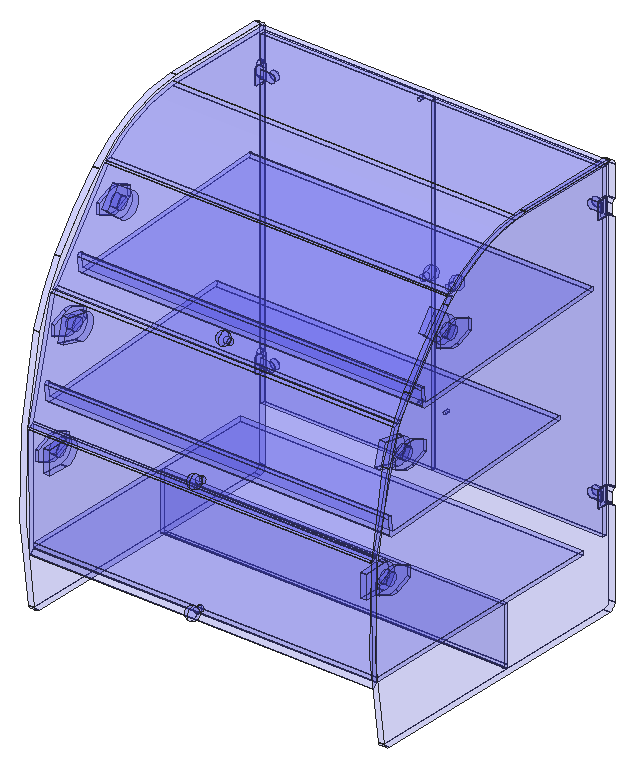
Revit family "QF_Vollrath_XLBC3-1826-13", category Specialty Equipment, Revit 2016
Family settings
  Part Type = Normal
  Round Connector Dimension = Use Diameter
  OmniClass Number = 23.40.40.00
  OmniClass Title = Food Service Equipment and Furnishings
  Work Plane-Based = No
  Always vertical = Yes
  Cut with Voids When Loaded = No
  Shared = No
  Room Calculation Point = No
Parameters (values of type "XLBC3P-1826-13")
  Weight in Pounds = 0
  Watermarked By = ""
  URL Cutsheet = ""
  URL = "www.vollrath.com"
  Specification by User [instance] = ""
  Specification by Manufacturer [instance] = ""
  Serial Number [instance] = ""
  Revision Code [instance] = ""
  Rear Doors = yes
  No Rear Doors = not(Rear Doors)  # no
  NAFEM Spec ID Number [instance] = ""
  Model = "XLBC3P-1826-13"
  Masterspec [instance] = ""
  Manufacturer = "Vollrath"  # constant formula
  Item Number [instance] = "-"
  Installed By [instance] = ""
  Furnished By [instance] = ""
  Foodservice Equipment Identifier = yes
  Description = "Display Case"
  CSI MasterFormat = "11 40 00"
  Assembly Code = "E1090300"
Reference planes (in)
  plane 1 "BACK": y = 0
  plane 2: z = 0
  plane 3 "LEFT": x = -16.56573
  plane 4 "RIGHT": x = 11.99677
  plane 5 "FRONT": y = -24.0625
  plane 6 "Inside Left": x = -16.06573
  plane 7 "Inside Right": x = 11.49677
  plane 8 "Center LR": x = -2.28448
  plane 9 "Bottom": z = 0.125
  plane 10 "Door Back": y = -0.1875
  plane 11 "Door Front": y = -0.5625
  plane 12 "Left Handle": x = -3.31573
  plane 13 "Right Handle": x = -1.25323
  plane 14 "TOP": z = 32.5
  plane 15 "Inside Top": z = 32.25
  plane 16: z = 29.4375
  plane 17 "Top Hinge": z = 28.875
  plane 18 "Bottom Hinge": z = 8.125
  plane 19 "Door Handles": z = 18.5
  plane 20: z = 13.75
  plane 21: z = 22.4375
Forms (in)
  Extrusion 1, solid, material "QF_Glass-Cast-Clear"
    sketch origin (-16.56573, 0, 0) x (0, 1, 0) y (0, 0, 1)
      loop
        line (0, 0.5) -> (0, 7.44381)
        arc (0, 7.44381) -> (-0.01409, 7.48334) -> (-0.05, 7.50505) r 0.0625
        arc (-0.05, 7.50505) -> (-0.19365, 7.59189) -> (-0.25, 7.75) r 0.25
        line (-0.25, 7.75) -> (-0.25, 8.5)
        arc (-0.25, 8.5) -> (-0.19365, 8.65811) -> (-0.05, 8.74495) r 0.25
        arc (-0.05, 8.74495) -> (-0.01409, 8.76666) -> (0, 8.80619) r 0.0625
        line (0, 8.80619) -> (0, 28.19381)
        arc (0, 28.19381) -> (-0.01409, 28.23334) -> (-0.05, 28.25505) r 0.0625
        arc (-0.05, 28.25505) -> (-0.19365, 28.34189) -> (-0.25, 28.5) r 0.25
        line (-0.25, 28.5) -> (-0.25, 29.25)
        arc (-0.25, 29.25) -> (-0.19365, 29.40811) -> (-0.05, 29.49495) r 0.25
        arc (-0.05, 29.49495) -> (-0.01409, 29.51666) -> (0, 29.55619) r 0.0625
        line (0, 29.55619) -> (0, 32)
        arc (0, 32) -> (-0.14645, 32.35355) -> (-0.5, 32.5) r 0.5
        line (-0.5, 32.5) -> (-8.9375, 32.5)
        arc (-8.9375, 32.5) -> (-13.11951, 31.51749) -> (-16.6875, 29.125) r 12
        arc (-16.6875, 29.125) -> (-18.74966, 26.91695) -> (-20.5625, 24.5) r 28.0625
        arc (-20.5625, 24.5) -> (-21.7852, 22.32565) -> (-22.6875, 20) r 17.5625
        arc (-22.6875, 20) -> (-24.07346, 10.22429) -> (-23.1428, 0.39478) r 42.06958
        arc (-23.1428, 0.39478) -> (-22.96815, 0.11102) -> (-22.65399, 0) r 0.5
        line (-22.65399, 0) -> (-0.5, 0)
        arc (-0.5, 0) -> (-0.14645, 0.14645) -> (0, 0.5) r 0.5
    from 0 to 0.5
  Extrusion 2, solid, material "QF_Glass-Cast-Clear"
    sketch origin (11.99677, 0, 0) x (0, 1, 0) y (0, 0, 1)
      loop
        line (0, 0.5) -> (0, 7.44381)
        arc (0, 7.44381) -> (-0.01409, 7.48334) -> (-0.05, 7.50505) r 0.0625
        arc (-0.05, 7.50505) -> (-0.19365, 7.59189) -> (-0.25, 7.75) r 0.25
        line (-0.25, 7.75) -> (-0.25, 8.5)
        arc (-0.25, 8.5) -> (-0.19365, 8.65811) -> (-0.05, 8.74495) r 0.25
        arc (-0.05, 8.74495) -> (-0.01409, 8.76666) -> (0, 8.80619) r 0.0625
        line (0, 8.80619) -> (0, 28.19381)
        arc (0, 28.19381) -> (-0.01409, 28.23334) -> (-0.05, 28.25505) r 0.0625
        arc (-0.05, 28.25505) -> (-0.19365, 28.34189) -> (-0.25, 28.5) r 0.25
        line (-0.25, 28.5) -> (-0.25, 29.25)
        arc (-0.25, 29.25) -> (-0.19365, 29.40811) -> (-0.05, 29.49495) r 0.25
        arc (-0.05, 29.49495) -> (-0.01409, 29.51666) -> (0, 29.55619) r 0.0625
        line (0, 29.55619) -> (0, 32)
        arc (0, 32) -> (-0.14645, 32.35355) -> (-0.5, 32.5) r 0.5
        line (-0.5, 32.5) -> (-8.9375, 32.5)
        arc (-8.9375, 32.5) -> (-13.11951, 31.51749) -> (-16.6875, 29.125) r 12
        arc (-16.6875, 29.125) -> (-18.74966, 26.91695) -> (-20.5625, 24.5) r 28.0625
        arc (-20.5625, 24.5) -> (-21.7852, 22.32565) -> (-22.6875, 20) r 17.5625
        arc (-22.6875, 20) -> (-24.07346, 10.22429) -> (-23.1428, 0.39478) r 42.06958
        arc (-23.1428, 0.39478) -> (-22.96815, 0.11102) -> (-22.65399, 0) r 0.5
        line (-22.65399, 0) -> (-0.5, 0)
        arc (-0.5, 0) -> (-0.14645, 0.14645) -> (0, 0.5) r 0.5
    from 0 to -0.5
  Extrusion 3, solid, material "QF_Glass-Cast-Clear"
    sketch origin (-16.06573, 0, 0) x (0, 1, 0) y (0, 0, 1)
      loop
        line (-2.5, 4.75) -> (-2.5, 5.125) -> (-23.25, 5.125) -> (-23.25, 4.75) -> (-2.5, 4.75)
      loop
        line (-21.79023, 14.56382) -> (-5, 15.5625)
        arc (-5, 15.5625) -> (-4.81217, 15.75033) -> (-5, 15.93816) r 0.18783
        line (-5, 15.93816) -> (-21.6804, 14.94602) -> (-21.7737, 16.01242)
        arc (-21.7737, 16.01242) -> (-21.97683, 16.18286) -> (-22.14727, 15.97973) r 0.1875
        line (-22.14727, 15.97973) -> (-22.04575, 14.81934) -> (-21.79023, 14.56382)
      loop
        line (-18.47773, 22.37632) -> (-1.6875, 23.375)
        arc (-1.6875, 23.375) -> (-1.49967, 23.56283) -> (-1.6875, 23.75066) r 0.18783
        line (-1.6875, 23.75066) -> (-18.3679, 22.75852) -> (-18.4612, 23.82492)
        arc (-18.4612, 23.82492) -> (-18.66433, 23.99536) -> (-18.83477, 23.79223) r 0.1875
        line (-18.83477, 23.79223) -> (-18.73325, 22.63184) -> (-18.47773, 22.37632)
    from 0 to 27.5625
  Extrusion 4, solid, material "QF_Glass-Cast-Clear"
    sketch origin (-16.06573, 0, 0) x (0, 1, 0) y (0, 0, 1)
      loop
        line (-10.125, 0.25) -> (-10.125, 4.75) -> (-10.5, 4.75) -> (-10.5, 0.25)
        arc (-10.5, 0.25) -> (-10.46339, 0.16161) -> (-10.375, 0.125) r 0.125
        line (-10.375, 0.125) -> (-10.25, 0.125)
        arc (-10.25, 0.125) -> (-10.16161, 0.16161) -> (-10.125, 0.25) r 0.125
    from 0 to 27.5625
  Extrusion 5, solid, material "QF_Glass-Cast-Clear"
    sketch origin (-16.06573, 0, 0) x (0, 1, 0) y (0, 0, 1)
      loop
        line (-0.1875, 32.25) -> (-9.35156, 32.25)
        arc (-9.35156, 32.25) -> (-12.95092, 31.38222) -> (-16.10156, 29.4375) r 11.75
        line (-16.10156, 29.4375) -> (-15.51371, 29.4375)
        arc (-15.51371, 29.4375) -> (-12.60705, 31.11703) -> (-9.33674, 31.875) r 11.375
        line (-9.33674, 31.875) -> (-0.1875, 31.875) -> (-0.1875, 32.25)
    from 0 to 27.5625
  Extrusion 6, solid, material "QF_Glass-Cast-Clear"
    sketch origin (-16.06573, -1.52931, 9.8808) x (0, 0.904381, 0.426727) y (0, -0.426727, 0.904381)
      loop
        line (-22.29616, 4.48167) -> (-21.88975, 4.65527) -> (-18.05232, 12.78809) -> (-18.12887, 12.83229) -> (-18.5721, 12.80258) -> (-22.37271, 4.52587) -> (-22.29616, 4.48167)
      loop
        line (-18.43626, 12.83911) -> (-17.99876, 12.90161) -> (-12.28834, 19.64464) -> (-12.35999, 19.71629) -> (-12.7796, 19.79912) -> (-18.49876, 12.90161) -> (-18.43626, 12.83911)
      loop
        line (-12.50086, 19.82313) -> (-12.07371, 19.70971) -> (-4.51712, 23.5169) -> (-4.55361, 23.60722) -> (-4.90751, 23.84741) -> (-12.53397, 19.90508) -> (-12.50086, 19.82313)
    from 0 to 27.5625
  Extrusion 7, solid, material "QF_Glass-Cast-Clear"
    sketch origin (0, -0.1875, 0) x (1, 0, 0) y (0, 0, 1)
      loop
        line (11.43427, 31.8125) -> (-2.25323, 31.8125) -> (-2.25323, 5.1875) -> (11.43427, 5.1875) -> (11.43427, 7.375)
        arc (11.43427, 7.375) -> (11.29886, 7.46875) -> (11.24677, 7.625) r 0.26042
        line (11.24677, 7.625) -> (11.24677, 8.625)
        arc (11.24677, 8.625) -> (11.29886, 8.78125) -> (11.43427, 8.875) r 0.26042
        line (11.43427, 8.875) -> (11.43427, 28.125)
        arc (11.43427, 28.125) -> (11.29886, 28.21875) -> (11.24677, 28.375) r 0.26042
        line (11.24677, 28.375) -> (11.24677, 29.375)
        arc (11.24677, 29.375) -> (11.29886, 29.53125) -> (11.43427, 29.625) r 0.26042
        line (11.43427, 29.625) -> (11.43427, 31.8125)
      loop
        line (-16.00323, 31.8125) -> (-16.00323, 29.625)
        arc (-16.00323, 29.625) -> (-15.86781, 29.53125) -> (-15.81573, 29.375) r 0.26042
        line (-15.81573, 29.375) -> (-15.81573, 28.375)
        arc (-15.81573, 28.375) -> (-15.86781, 28.21875) -> (-16.00323, 28.125) r 0.26042
        line (-16.00323, 28.125) -> (-16.00323, 8.875)
        arc (-16.00323, 8.875) -> (-15.86781, 8.78125) -> (-15.81573, 8.625) r 0.26042
        line (-15.81573, 8.625) -> (-15.81573, 7.625)
        arc (-15.81573, 7.625) -> (-15.86781, 7.46875) -> (-16.00323, 7.375) r 0.26042
        line (-16.00323, 7.375) -> (-16.00323, 5.1875) -> (-2.31573, 5.1875) -> (-2.31573, 31.8125) -> (-16.00323, 31.8125)
      loop
        circle (-3.31573, 9.6875) r 0.125
      loop
        circle (-1.25323, 9.6875) r 0.125
      loop
        circle (-3.31573, 31.5) r 0.125
    from 0 to 0.375
  Revolve 8, solid, material "QF_Glass-Cast-Clear", visible <- "Rear Doors"
    sketch origin (-3.31573, 0, 4.5) x (0, 1, 0) y (0, 0, 1)
      loop
        line (-0.1875, 14) -> (1.1875, 14)
        arc (1.1875, 14) -> (0.8164, 14.49117) -> (0.25, 14.25) r 0.5
        line (0.25, 14.25) -> (-0.1875, 14.25) -> (-0.1875, 14)
      axis (1.1875, 14) -> (-0.1875, 14)
    angle from 0 to 360
  Revolve 9, solid, material "QF_Glass-Cast-Clear", visible <- "Rear Doors"
    sketch origin (-1.25323, 0, 8.75) x (0, 1, 0) y (0, 0, 1)
      loop
        line (-0.1875, 9.75) -> (1.1875, 9.75)
        arc (1.1875, 9.75) -> (0.8164, 10.24117) -> (0.25, 10) r 0.5
        line (0.25, 10) -> (-0.1875, 10) -> (-0.1875, 9.75)
      axis (1.1875, 9.75) -> (-0.1875, 9.75)
    angle from 0 to 360
  Extrusion 10, solid, material "QF_Glass-Cast-Clear"
    sketch origin (0, -0.1875, 0) x (1, 0, 0) y (0, 0, 1)
      loop
        circle (-15.19073, 28.875) r 0.375
      loop
        circle (-15.19073, 8.125) r 0.375
      loop
        circle (10.62177, 28.875) r 0.375
      loop
        circle (10.62177, 8.125) r 0.375
    from 0 to -0.0625
  Extrusion 11, solid, material "QF_Glass-Cast-Clear"
    sketch origin (0, 0, 28.875) x (0, 1, 0) y (-1, 0, 0)
      loop
        circle (-0.1875, 16.00323) r 0.0625
      loop
        circle (-0.1875, -11.43427) r 0.0625
    from -0.6875 to 0.6875
  Extrusion 12, solid, material "QF_Glass-Cast-Clear"
    sketch origin (0, 0, 8.125) x (0, 1, 0) y (-1, 0, 0)
      loop
        circle (-0.1875, 16.00323) r 0.0625
      loop
        circle (-0.1875, -11.43427) r 0.0625
    from -0.6875 to 0.6875
  Extrusion 13, solid, material "QF_Glass-Cast-Clear"
    sketch origin (-16.06573, 0, 0) x (0, 1, 0) y (0, 0, 1)
      loop
        line (-0.25, 28.1875) -> (-0.25, 29.5625) -> (-0.9375, 29.5625)
        arc (-0.9375, 29.5625) -> (-1.02589, 29.52589) -> (-1.0625, 29.4375) r 0.125
        line (-1.0625, 29.4375) -> (-1.0625, 28.3125)
        arc (-1.0625, 28.3125) -> (-1.02589, 28.22411) -> (-0.9375, 28.1875) r 0.125
        line (-0.9375, 28.1875) -> (-0.25, 28.1875)
      loop
        line (-0.25, 7.4375) -> (-0.25, 8.8125) -> (-0.9375, 8.8125)
        arc (-0.9375, 8.8125) -> (-1.02589, 8.77589) -> (-1.0625, 8.6875) r 0.125
        line (-1.0625, 8.6875) -> (-1.0625, 7.5625)
        arc (-1.0625, 7.5625) -> (-1.02589, 7.47411) -> (-0.9375, 7.4375) r 0.125
        line (-0.9375, 7.4375) -> (-0.25, 7.4375)
    from 0 to 0.0625
  Extrusion 14, solid, material "QF_Glass-Cast-Clear"
    sketch origin (11.49677, 0, 0) x (0, 1, 0) y (0, 0, 1)
      loop
        line (-0.25, 28.1875) -> (-0.25, 29.5625) -> (-0.9375, 29.5625)
        arc (-0.9375, 29.5625) -> (-1.02589, 29.52589) -> (-1.0625, 29.4375) r 0.125
        line (-1.0625, 29.4375) -> (-1.0625, 28.3125)
        arc (-1.0625, 28.3125) -> (-1.02589, 28.22411) -> (-0.9375, 28.1875) r 0.125
        line (-0.9375, 28.1875) -> (-0.25, 28.1875)
      loop
        line (-0.25, 7.4375) -> (-0.25, 8.8125) -> (-0.9375, 8.8125)
        arc (-0.9375, 8.8125) -> (-1.02589, 8.77589) -> (-1.0625, 8.6875) r 0.125
        line (-1.0625, 8.6875) -> (-1.0625, 7.5625)
        arc (-1.0625, 7.5625) -> (-1.02589, 7.47411) -> (-0.9375, 7.4375) r 0.125
        line (-0.9375, 7.4375) -> (-0.25, 7.4375)
    from 0 to -0.0625
  Extrusion 15, solid, material "QF_Glass-Cast-Clear"
    sketch origin (0, -0.5625, 0) x (1, 0, 0) y (0, 0, 1)
      loop
        line (-15.19073, 29.25) -> (-16.00323, 29.25) -> (-16.00323, 28.5) -> (-15.19073, 28.5)
        arc (-15.19073, 28.5) -> (-14.81573, 28.875) -> (-15.19073, 29.25) r 0.375
      loop
        line (-15.19073, 8.5) -> (-16.00323, 8.5) -> (-16.00323, 7.75) -> (-15.19073, 7.75)
        arc (-15.19073, 7.75) -> (-14.81573, 8.125) -> (-15.19073, 8.5) r 0.375
      loop
        arc (10.62177, 29.25) -> (10.24677, 28.875) -> (10.62177, 28.5) r 0.375
        line (10.62177, 28.5) -> (11.43427, 28.5) -> (11.43427, 29.25) -> (10.62177, 29.25)
      loop
        arc (10.62177, 8.5) -> (10.24677, 8.125) -> (10.62177, 7.75) r 0.375
        line (10.62177, 7.75) -> (11.43427, 7.75) -> (11.43427, 8.5) -> (10.62177, 8.5)
    from 0 to 0.0625
  Extrusion 16, solid, material "QF_Glass-Cast-Clear"
    sketch origin (-16.06573, -2.79052, 10.32711) x (0, 0.904381, 0.426727) y (0, -0.426727, 0.904381)
      loop
        arc (-15.76079, 9.54848) -> (-16.07327, 9.77938) -> (-16.45017, 9.87376) r 1
        line (-16.45017, 9.87376) -> (-17.7264, 9.93743) -> (-18.09979, 9.14609) -> (-17.23921, 8.20152)
        arc (-17.23921, 8.20152) -> (-16.92673, 7.97062) -> (-16.54983, 7.87624) r 1
        line (-16.54983, 7.87624) -> (-15.2736, 7.81257) -> (-14.90021, 8.60391) -> (-15.76079, 9.54848)
    from 0 to 0.25
  Extrusion 17, solid, material "QF_Glass-Cast-Clear"
    sketch origin (11.49677, -2.79052, 10.32711) x (0, 0.904381, 0.426727) y (0, -0.426727, 0.904381)
      loop
        arc (-15.76079, 9.54848) -> (-16.07327, 9.77938) -> (-16.45017, 9.87376) r 1
        line (-16.45017, 9.87376) -> (-17.7264, 9.93743) -> (-18.09979, 9.14609) -> (-17.23921, 8.20152)
        arc (-17.23921, 8.20152) -> (-16.92673, 7.97062) -> (-16.54983, 7.87624) r 1
        line (-16.54983, 7.87624) -> (-15.2736, 7.81257) -> (-14.90021, 8.60391) -> (-15.76079, 9.54848)
    from 0 to -0.25
  Extrusion 18, solid, material "QF_Glass-Cast-Clear"
    sketch origin (-16.06573, -2.79052, 10.32711) x (0, 0.904381, 0.426727) y (0, -0.426727, 0.904381)
      loop
        line (-18.53706, 8.80523) -> (-16.9605, 7.98734)
        arc (-16.9605, 7.98734) -> (-15.59526, 8.44903) -> (-16.1092, 9.79547) r 1
        line (-16.1092, 9.79547) -> (-17.7426, 10.48896) -> (-18.53706, 8.80523)
    from 0.8125 to 1.3125
  Extrusion 19, solid, material "QF_Glass-Cast-Clear"
    sketch origin (-16.06573, -2.79052, 10.32711) x (0, 0.904381, 0.426727) y (0, -0.426727, 0.904381)
      loop
        circle (-16.5, 8.875) r 0.5
    from 0.25 to 0.8125
  Extrusion 20, solid, material "QF_Glass-Cast-Clear"
    sketch origin (11.49677, -2.79052, 10.32711) x (0, 0.904381, 0.426727) y (0, -0.426727, 0.904381)
      loop
        arc (-16.9605, 7.98734) -> (-15.59526, 8.44903) -> (-16.1092, 9.79547) r 1
        line (-16.1092, 9.79547) -> (-17.7426, 10.48896) -> (-18.53706, 8.80523) -> (-16.9605, 7.98734)
    from -0.8125 to -1.3125
  Extrusion 21, solid, material "QF_Glass-Cast-Clear"
    sketch origin (11.49677, -2.79052, 10.32711) x (0, 0.904381, 0.426727) y (0, -0.426727, 0.904381)
      loop
        circle (-16.5, 8.875) r 0.5
    from -0.25 to -0.8125
  Extrusion 22, solid, material "QF_Clearance", visible <- "Rear Doors", detail levels coarse+medium
    sketch origin (0, 0, 5.125) x (0, 1, 0) y (-1, 0, 0)
      loop
        line (0, 16.06573) -> (0, 2.28575)
        arc (0, 2.28575) -> (9.62338, 6.38743) -> (13.59375, 16.06573) r 13.78125
        line (13.59375, 16.06573) -> (0, 16.06573)
    from 0 to 26.6875
  Extrusion 23, solid, material "QF_Clearance", visible <- "Rear Doors", detail levels coarse+medium
    sketch origin (-4.56895, 0, 5.125) x (0, 1, 0) y (-1, 0, 0)
      loop
        line (0, -16.06573) -> (13.59375, -16.06573)
        arc (13.59375, -16.06573) -> (9.62338, -6.38743) -> (0, -2.28575) r 13.78125
        line (0, -2.28575) -> (0, -16.06573)
    from 0 to 26.6875
  Revolve 24, solid, material "QF_Glass-Cast-Clear"
    sketch origin (-2.28448, 0.71928, 6.17177) x (0, 0.965928, 0.25881) y (0, -0.25881, 0.965928)
      loop
        line (-23.76594, 5.6302) -> (-25.09772, 5.97224)
        arc (-25.09772, 5.97224) -> (-24.86046, 5.40419) -> (-24.25187, 5.49689) r 0.5
        line (-24.25187, 5.49689) -> (-23.82813, 5.38806) -> (-23.76594, 5.6302)
      axis (-25.09772, 5.97224) -> (-23.76594, 5.6302)
    angle from 0 to 360
  Revolve 25, solid, material "QF_Glass-Cast-Clear"
    sketch origin (-2.28448, 0.25001, 8.99322) x (0, 1, 0) y (0, 0, 1)
      loop
        line (-23.76594, 5.6302) -> (-25.09772, 5.97224)
        arc (-25.09772, 5.97224) -> (-24.86046, 5.40419) -> (-24.25187, 5.49689) r 0.5
        line (-24.25187, 5.49689) -> (-23.82813, 5.38806) -> (-23.76594, 5.6302)
      axis (-25.09772, 5.97224) -> (-23.76594, 5.6302)
    angle from 0 to 360
  Revolve 26, solid, material "QF_Glass-Cast-Clear"
    sketch origin (-2.28448, -1.07474, 8.85947) x (0, 0.920501, -0.390739) y (0, 0.390739, 0.920501)
      loop
        line (-23.76594, 5.6302) -> (-25.09772, 5.97224)
        arc (-25.09772, 5.97224) -> (-24.86046, 5.40419) -> (-24.25187, 5.49689) r 0.5
        line (-24.25187, 5.49689) -> (-23.82813, 5.38806) -> (-23.76594, 5.6302)
      axis (-25.09772, 5.97224) -> (-23.76594, 5.6302)
    angle from 0 to 360
  Extrusion 27, solid, material "QF_Glass-Cast-Clear"
    sketch origin (-16.06573, -1.16552, 18.63961) x (0, 0.904381, 0.426727) y (0, -0.426727, 0.904381)
      loop
        arc (-15.76079, 9.54848) -> (-16.07327, 9.77938) -> (-16.45017, 9.87376) r 1
        line (-16.45017, 9.87376) -> (-17.7264, 9.93743) -> (-18.09979, 9.14609) -> (-17.23921, 8.20152)
        arc (-17.23921, 8.20152) -> (-16.92673, 7.97062) -> (-16.54983, 7.87624) r 1
        line (-16.54983, 7.87624) -> (-15.2736, 7.81257) -> (-14.90021, 8.60391) -> (-15.76079, 9.54848)
    from 0 to 0.25
  Extrusion 28, solid, material "QF_Glass-Cast-Clear"
    sketch origin (11.49677, -1.16552, 18.63961) x (0, 0.904381, 0.426727) y (0, -0.426727, 0.904381)
      loop
        arc (-15.76079, 9.54848) -> (-16.07327, 9.77938) -> (-16.45017, 9.87376) r 1
        line (-16.45017, 9.87376) -> (-17.7264, 9.93743) -> (-18.09979, 9.14609) -> (-17.23921, 8.20152)
        arc (-17.23921, 8.20152) -> (-16.92673, 7.97062) -> (-16.54983, 7.87624) r 1
        line (-16.54983, 7.87624) -> (-15.2736, 7.81257) -> (-14.90021, 8.60391) -> (-15.76079, 9.54848)
    from 0 to -0.25
  Extrusion 29, solid, material "QF_Glass-Cast-Clear"
    sketch origin (-16.06573, -1.16552, 18.63961) x (0, 0.904381, 0.426727) y (0, -0.426727, 0.904381)
      loop
        line (-18.54035, 9.29801) -> (-17.14801, 8.11337)
        arc (-17.14801, 8.11337) -> (-15.71398, 8.2568) -> (-15.91254, 9.68425) r 1
        line (-15.91254, 9.68425) -> (-17.33734, 10.71856) -> (-18.54035, 9.29801)
    from 0.8125 to 1.3125
  Extrusion 30, solid, material "QF_Glass-Cast-Clear"
    sketch origin (-16.06573, -1.16552, 18.63961) x (0, 0.904381, 0.426727) y (0, -0.426727, 0.904381)
      loop
        circle (-16.5, 8.875) r 0.5
    from 0.25 to 0.8125
  Extrusion 31, solid, material "QF_Glass-Cast-Clear"
    sketch origin (11.49677, -1.16552, 18.63961) x (0, 0.904381, 0.426727) y (0, -0.426727, 0.904381)
      loop
        line (-18.54035, 9.29801) -> (-17.14801, 8.11337)
        arc (-17.14801, 8.11337) -> (-15.71398, 8.2568) -> (-15.91254, 9.68425) r 1
        line (-15.91254, 9.68425) -> (-17.33734, 10.71856) -> (-18.54035, 9.29801)
    from -0.8125 to -1.3125
  Extrusion 32, solid, material "QF_Glass-Cast-Clear"
    sketch origin (11.49677, -1.16552, 18.63961) x (0, 0.904381, 0.426727) y (0, -0.426727, 0.904381)
      loop
        circle (-16.5, 8.875) r 0.5
    from -0.25 to -0.8125
  Extrusion 33, solid, material "QF_Glass-Cast-Clear"
    sketch origin (-16.06573, 3.33448, 25.38961) x (0, 0.904381, 0.426727) y (0, -0.426727, 0.904381)
      loop
        arc (-15.76079, 9.54848) -> (-16.07327, 9.77938) -> (-16.45017, 9.87376) r 1
        line (-16.45017, 9.87376) -> (-17.7264, 9.93743) -> (-18.09979, 9.14609) -> (-17.23921, 8.20152)
        arc (-17.23921, 8.20152) -> (-16.92673, 7.97062) -> (-16.54983, 7.87624) r 1
        line (-16.54983, 7.87624) -> (-15.2736, 7.81257) -> (-14.90021, 8.60391) -> (-15.76079, 9.54848)
    from 0 to 0.25
  Extrusion 34, solid, material "QF_Glass-Cast-Clear"
    sketch origin (11.49677, 3.33448, 25.38961) x (0, 0.904381, 0.426727) y (0, -0.426727, 0.904381)
      loop
        arc (-15.76079, 9.54848) -> (-16.07327, 9.77938) -> (-16.45017, 9.87376) r 1
        line (-16.45017, 9.87376) -> (-17.7264, 9.93743) -> (-18.09979, 9.14609) -> (-17.23921, 8.20152)
        arc (-17.23921, 8.20152) -> (-16.92673, 7.97062) -> (-16.54983, 7.87624) r 1
        line (-16.54983, 7.87624) -> (-15.2736, 7.81257) -> (-14.90021, 8.60391) -> (-15.76079, 9.54848)
    from 0 to -0.25
  Extrusion 35, solid, material "QF_Glass-Cast-Clear"
    sketch origin (-16.06573, 3.33448, 25.38961) x (0, 0.904381, 0.426727) y (0, -0.426727, 0.904381)
      loop
        line (-18.21332, 10.21656) -> (-17.40938, 8.45903)
        arc (-17.40938, 8.45903) -> (-16.04931, 7.98232) -> (-15.62534, 9.35974) r 1
        line (-15.62534, 9.35974) -> (-16.56144, 11.04882) -> (-18.21332, 10.21656)
    from 0.8125 to 1.3125
  Extrusion 36, solid, material "QF_Glass-Cast-Clear"
    sketch origin (-16.06573, 3.33448, 25.38961) x (0, 0.904381, 0.426727) y (0, -0.426727, 0.904381)
      loop
        circle (-16.5, 8.875) r 0.5
    from 0.25 to 0.8125
  Extrusion 37, solid, material "QF_Glass-Cast-Clear"
    sketch origin (11.49677, 3.33448, 25.38961) x (0, 0.904381, 0.426727) y (0, -0.426727, 0.904381)
      loop
        arc (-17.40938, 8.45903) -> (-16.04931, 7.98232) -> (-15.62534, 9.35974) r 1
        line (-15.62534, 9.35974) -> (-16.56144, 11.04882) -> (-18.21332, 10.21656) -> (-17.40938, 8.45903)
    from -0.8125 to -1.3125
  Extrusion 38, solid, material "QF_Glass-Cast-Clear"
    sketch origin (11.49677, 3.33448, 25.38961) x (0, 0.904381, 0.426727) y (0, -0.426727, 0.904381)
      loop
        circle (-16.5, 8.875) r 0.5
    from -0.25 to -0.8125
Lines and regions (in)
  symbolic lines
    curve 1: line (11.49677, -0.1875, 11.375) -> (-16.06573, -0.1875, 11.375)
    curve 2: line (-16.56573, 0, 11.375) -> (-16.56573, -24.03484, 11.375)
    curve 3: line (-16.06573, -24.03484, 11.375) -> (-16.06573, 0, 11.375)
    curve 4: line (-16.56573, 0, 11.375) -> (-16.06573, 0, 11.375)
    curve 5: line (-16.06573, -9.35156, 11.375) -> (11.49677, -9.35156, 11.375)
    curve 6: line (-16.06573, -24.03484, 11.375) -> (-16.56573, -24.03484, 11.375)
    curve 7: line (11.49677, 0, 11.375) -> (11.49677, -24.03484, 11.375)
    curve 8: line (11.99677, -24.03484, 11.375) -> (11.99677, 0, 11.375)
    curve 9: line (11.49677, -24.03484, 11.375) -> (11.99677, -24.03484, 11.375)
    curve 10: line (11.99677, 0, 11.375) -> (11.49677, 0, 11.375)
    curve 11: line (-16.06573, -16.10156, 11.375) -> (11.49677, -16.10156, 11.375)
    curve 12: circle (-2.28448, -21.44706, 11.375) r 0.5 normal (0, 0, 1)
    curve 13: spline (-2.53448, -20.78549, 11.375) -> (-2.52596, -20.74368, 11.375) -> (-2.50098, -20.70471, 11.375) -> (-2.46125, -20.67125, 11.375) -> (-2.40948, -20.64558, 11.375) -> (-2.34918, -20.62943, 11.375) -> (-2.28448, -20.62393, 11.375) -> (-2.21977, -20.62943, 11.375) -> (-2.15948, -20.64558, 11.375) -> (-2.1077, -20.67125, 11.375) -> (-2.06797, -20.70471, 11.375) -> (-2.04299, -20.74368, 11.375) -> (-2.03448, -20.78549, 11.375)
    curve 14: line (-2.53448, -20.78549, 11.375) -> (-2.53448, -21.01404, 11.375)
    curve 15: line (-2.03448, -20.78549, 11.375) -> (-2.03448, -21.01404, 11.375)
    curve 26: circle (-2.28448, -24.37085, 11.375) r 0.5 normal (0, 0, 1)
    curve 27: spline (-2.53448, -23.70929, 11.375) -> (-2.52596, -23.66747, 11.375) -> (-2.50098, -23.6285, 11.375) -> (-2.46125, -23.59504, 11.375) -> (-2.40948, -23.56937, 11.375) -> (-2.34918, -23.55323, 11.375) -> (-2.28448, -23.54772, 11.375) -> (-2.21977, -23.55323, 11.375) -> (-2.15948, -23.56937, 11.375) -> (-2.1077, -23.59504, 11.375) -> (-2.06797, -23.6285, 11.375) -> (-2.04299, -23.66747, 11.375) -> (-2.03448, -23.70929, 11.375)
    curve 28: line (-2.53448, -23.70929, 11.375) -> (-2.53448, -23.93784, 11.375)
    curve 29: line (-2.03448, -23.70929, 11.375) -> (-2.03448, -23.93784, 11.375)
    curve 30: line (-16.06573, -21.79684, 5.125) -> (-2.76815, -21.79684, 5.125)
    curve 31: line (11.49677, -21.79684, 5.125) -> (-1.8008, -21.79684, 5.125)
    curve 32: line (11.49677, -24.03484, 5.125) -> (-2.03448, -24.03484, 5.125)
    curve 33: line (-16.06573, -24.01469, 5.125) -> (-2.53448, -24.01469, 5.125)
  symbolic lines, visible <- "Rear Doors"
    curve 16: line (-3.56573, 0.25, 11.375) -> (-3.56573, -0.1875, 11.375)
    curve 17: line (-3.06573, 0.25, 11.375) -> (-3.06573, -0.1875, 11.375)
    curve 18: line (-1.50323, 0.25, 11.375) -> (-1.50323, -0.1875, 11.375)
    curve 19: line (-1.00323, 0.25, 11.375) -> (-1.00323, -0.1875, 11.375)
    curve 20: circle (-3.31573, 0.6875, 11.375) r 0.5 normal (0, 0, 1)
    curve 21: circle (-1.25323, 0.6875, 11.375) r 0.5 normal (0, 0, 1)
  symbolic lines, style "QF_Clearances_Door_Drawer", visible <- "Rear Doors", detail levels coarse+medium
    curve 22: line (-16.06573, 0, 11.375) -> (-16.06573, 13.59375, 11.375)
    curve 23: arc (-16.06573, 13.59375, 11.375) -> (-6.32091, 9.55732, 11.375) -> (-2.28448, -0.1875, 11.375) r 13.78125
    curve 24: line (11.49677, 0, 11.375) -> (11.49677, 13.59375, 11.375)
    curve 25: arc (11.49677, 13.59375, 11.375) -> (1.75196, 9.55732, 11.375) -> (-2.28448, -0.1875, 11.375) r 13.78125
Dimensions and locks (in)
  locked: plane 4 "RIGHT" to plane 3 "LEFT" at 28.5625
  locked: plane 5 "FRONT" to plane 1 "BACK" at 24.0625
  locked: plane 3 "LEFT" to plane 6 "Inside Left" at 0.5
  locked: plane 7 "Inside Right" to plane 4 "RIGHT" at 0.5
  equal spacing: plane 3 "LEFT", plane 8 "Center LR", plane 4 "RIGHT"
  locked: plane 9 "Bottom" to level at 0.125
  locked: plane 11 "Door Front" to plane 10 "Door Back" at 0.375
  locked: plane 10 "Door Back" to plane 1 "BACK" at 0.1875
  locked: plane 14 "TOP" to plane 15 "Inside Top" at 0.25
  locked: plane 14 "TOP" to level at 32.5
  locked: plane 15 "Inside Top" to plane 16 at 2.8125
  locked: plane 14 "TOP" to plane 17 "Top Hinge" at 3.625
  locked: plane 18 "Bottom Hinge" to level at 8.125
  locked: plane 17 "Top Hinge" to plane 19 "Door Handles" at 10.375
  locked: plane 20 to level at 13.75
  locked: plane 21 to plane 20 at 8.6875
  aligned and locked: level to plane 2
  aligned and locked: plane 6 "Inside Left" to Extrusion 1
  aligned and locked: Extrusion 2 to plane 7 "Inside Right"
  aligned and locked: plane 7 "Inside Right" to Extrusion 3
  aligned and locked: plane 7 "Inside Right" to Extrusion 4
  aligned and locked: plane 7 "Inside Right" to Extrusion 5
  aligned and locked: plane 7 "Inside Right" to Extrusion 6
  aligned and locked: plane 11 "Door Front" to Extrusion 7
Automatic sketch dimensions
  Extrusion 1 sketch curve to level = 0' - 0"
  Extrusion 1 sketch curve to plane 14 "TOP" = 0' - 0"
  Extrusion 1 sketch curve to plane 1 "BACK" = 0' - 0"  (x7)
  plane 1 "BACK" to Extrusion 1 sketch curve = 0' - 0 1/16"
  Extrusion 1 sketch curve to Extrusion 1 sketch curve = 0' - 0 1/16"  (x3)
  plane 10 "Door Back" to Extrusion 1 sketch curve = 0' - 0 1/16"  (x2)
  Extrusion 1 sketch curve to plane 11 "Door Front" = 0' - 0 1/16"  (x2)
  plane 20 to Extrusion 1 sketch curve = 0' - 1.07635"
  plane 11 "Door Front" to Extrusion 1 sketch curve = 0' - 5.34183"
  Extrusion 1 sketch curve to plane 21 = 0' - 1.92203"
  Extrusion 1 sketch curve to Extrusion 1 sketch curve = 0' - 2.42398"
  plane 11 "Door Front" to Extrusion 1 sketch curve = 0' - 8 3/8"
  plane 9 "Bottom" to Extrusion 1 sketch curve = 0' - 0 3/8"
  Extrusion 1 sketch curve to plane 5 "FRONT" = 0' - 1.40851"
  plane 18 "Bottom Hinge" to Extrusion 1 sketch curve = 0' - 0.76965"
  Extrusion 1 sketch curve to plane 1 "BACK" = 0' - 2.76082"
  plane 18 "Bottom Hinge" to Extrusion 1 sketch curve = 0' - 1.12256"
  Extrusion 1 sketch curve to Extrusion 1 sketch curve = 1' - 3.22397"
  Extrusion 1 sketch curve to plane 18 "Bottom Hinge" = 0' - 0.68119"
  Extrusion 1 sketch curve to Extrusion 1 sketch curve = 0' - 0.30619"  (x3)
  plane 18 "Bottom Hinge" to Extrusion 1 sketch curve = 0' - 0 3/8"
  Extrusion 1 sketch curve to plane 17 "Top Hinge" = 0' - 0.68119"
  Extrusion 1 sketch curve to plane 16 = 0' - 0 3/16"
  plane 16 to Extrusion 1 sketch curve = 0' - 0.11869"
  plane 17 "Top Hinge" to Extrusion 1 sketch curve = 0' - 0 1/4"
  plane 21 to Extrusion 1 sketch curve = 0' - 2 1/16"
  Extrusion 1 sketch curve to plane 5 "FRONT" = 0' - 1 3/8"
  Extrusion 2 sketch curve to level = 0' - 0"
  Extrusion 2 sketch curve to plane 14 "TOP" = 0' - 0"
  Extrusion 2 sketch curve to plane 1 "BACK" = 0' - 0"  (x7)
  plane 1 "BACK" to Extrusion 2 sketch curve = 0' - 0 1/16"  (x4)
  plane 10 "Door Back" to Extrusion 2 sketch curve = 0' - 0 1/16"  (x2)
  Extrusion 2 sketch curve to plane 11 "Door Front" = 0' - 0 1/16"  (x2)
  plane 20 to Extrusion 2 sketch curve = 0' - 1.07635"
  plane 11 "Door Front" to Extrusion 2 sketch curve = 0' - 5.34183"
  Extrusion 2 sketch curve to plane 21 = 0' - 1.92203"
  Extrusion 2 sketch curve to Extrusion 2 sketch curve = 0' - 2.42398"
  plane 11 "Door Front" to Extrusion 2 sketch curve = 0' - 8 3/8"
  Extrusion 2 sketch curve to plane 5 "FRONT" = 0' - 1.40851"
  plane 18 "Bottom Hinge" to Extrusion 2 sketch curve = 0' - 0.76965"
  Extrusion 2 sketch curve to plane 1 "BACK" = 0' - 2.76082"
  plane 18 "Bottom Hinge" to Extrusion 2 sketch curve = 0' - 1.12256"
  Extrusion 2 sketch curve to Extrusion 2 sketch curve = 1' - 3.22397"
  plane 9 "Bottom" to Extrusion 2 sketch curve = 0' - 0 3/8"
  Extrusion 2 sketch curve to plane 18 "Bottom Hinge" = 0' - 0.68119"
  Extrusion 2 sketch curve to Extrusion 2 sketch curve = 0' - 0.30619"  (x3)
  plane 18 "Bottom Hinge" to Extrusion 2 sketch curve = 0' - 0 3/8"
  Extrusion 2 sketch curve to plane 17 "Top Hinge" = 0' - 0.68119"
  Extrusion 2 sketch curve to plane 16 = 0' - 0 3/16"
  plane 16 to Extrusion 2 sketch curve = 0' - 0.11869"
  plane 17 "Top Hinge" to Extrusion 2 sketch curve = 0' - 0 1/4"
  plane 21 to Extrusion 2 sketch curve = 0' - 2 1/16"
  Extrusion 2 sketch curve to plane 5 "FRONT" = 0' - 1 3/8"
  Extrusion 4 sketch curve to plane 9 "Bottom" = 0' - 0"
  plane 9 "Bottom" to Extrusion 4 sketch curve = 0' - 0 1/8"
  plane 11 "Door Front" to Extrusion 4 sketch curve = 0' - 9 15/16"
  Extrusion 4 sketch curve to Extrusion 4 sketch curve = 0' - 0 1/8"
  Extrusion 4 sketch curve to Extrusion 4 sketch curve = 0' - 0 3/8"
  Extrusion 4 sketch curve to plane 18 "Bottom Hinge" = 0' - 3 3/8"
  Extrusion 5 sketch curve to Extrusion 5 sketch curve = 0' - 0"  (x2)
  Extrusion 5 sketch curve to plane 16 = 0' - 0"
  Extrusion 5 sketch curve to plane 15 "Inside Top" = 0' - 0"
  Extrusion 5 sketch curve to plane 10 "Door Back" = 0' - 0"
  Extrusion 5 sketch curve to plane 21 = 0' - 1.90144"
  plane 11 "Door Front" to Extrusion 5 sketch curve = 0' - 7.86919"
  Extrusion 5 sketch curve to plane 15 "Inside Top" = 0' - 0 3/8"
  plane 11 "Door Front" to Extrusion 5 sketch curve = 0' - 8.77424"
  Extrusion 5 sketch curve to Extrusion 5 sketch curve = 0' - 0.01482"
  Extrusion 6 sketch curve to plane 20 = 0' - 0"
  Extrusion 6 sketch curve to plane 21 = 0' - 0"
  Extrusion 6 sketch curve to plane 5 "FRONT" = 0' - 0.36844"
  Extrusion 6 sketch curve to plane 18 "Bottom Hinge" = 0' - 3.69813"
  Extrusion 6 sketch curve to Extrusion 6 sketch curve = 0' - 0.07655"  (x2)
  Extrusion 6 sketch curve to Extrusion 6 sketch curve = 0' - 0.40642"
  Extrusion 6 sketch curve to Extrusion 6 sketch curve = 0' - 3.31765"
  Extrusion 6 sketch curve to Extrusion 6 sketch curve = 0' - 0.07334"
  Extrusion 6 sketch curve to Extrusion 6 sketch curve = 0' - 0 1/16"  (x2)
  Extrusion 6 sketch curve to Extrusion 6 sketch curve = 0' - 0.30739"
  Extrusion 6 sketch curve to Extrusion 6 sketch curve = 0' - 0.05356"
  Extrusion 6 sketch curve to Extrusion 6 sketch curve = 0' - 5.21916"
  Extrusion 6 sketch curve to Extrusion 6 sketch curve = 0' - 0.24564"
  Extrusion 6 sketch curve to Extrusion 6 sketch curve = 0' - 0.03311"
  Extrusion 6 sketch curve to Extrusion 6 sketch curve = 0' - 0.14087"
  Extrusion 6 sketch curve to Extrusion 6 sketch curve = 0' - 0.07165"  (x2)
  Extrusion 6 sketch curve to Extrusion 6 sketch curve = 0' - 0.21462"
  Extrusion 6 sketch curve to Extrusion 6 sketch curve = 0' - 7.16621"
  Extrusion 6 sketch curve to Extrusion 6 sketch curve = 0' - 0.3539"
  Extrusion 6 sketch curve to Extrusion 6 sketch curve = 0' - 0.03649"
  Extrusion 6 sketch curve to Extrusion 6 sketch curve = 0' - 0.04419"  (x2)
  Extrusion 6 sketch curve to Extrusion 6 sketch curve = 0' - 0.1736"
  Extrusion 6 sketch curve to Extrusion 6 sketch curve = 0' - 0.02971"
  Extrusion 6 sketch curve to Extrusion 6 sketch curve = 0' - 0.03653"
  Extrusion 6 sketch curve to Extrusion 6 sketch curve = 0' - 0.11352"
  Extrusion 6 sketch curve to Extrusion 6 sketch curve = 0' - 0.06507"
  Extrusion 6 sketch curve to Extrusion 6 sketch curve = 0' - 0.08282"
  Extrusion 6 sketch curve to Extrusion 6 sketch curve = 0' - 0.10683"
  Extrusion 6 sketch curve to Extrusion 6 sketch curve = 0' - 0.08195"
  Extrusion 6 sketch curve to Extrusion 6 sketch curve = 0' - 3.80718"
  Extrusion 6 sketch curve to Extrusion 6 sketch curve = 0' - 0.09032"
  Extrusion 6 sketch curve to Extrusion 6 sketch curve = 0' - 0.2402"
  Extrusion 7 sketch curve to plane 12 "Left Handle" = 0' - 0"  (x2)
  Extrusion 7 sketch curve to plane 13 "Right Handle" = 0' - 0"
  plane 6 "Inside Left" to Extrusion 7 sketch curve = 0' - 0 1/4"  (x2)
  plane 6 "Inside Left" to Extrusion 7 sketch curve = 0' - 0 1/16"  (x3)
  Extrusion 7 sketch curve to plane 6 "Inside Left" = 0' - 0.01042"  (x4)
  Extrusion 7 sketch curve to plane 8 "Center LR" = 0' - 0 1/32"
  plane 8 "Center LR" to Extrusion 7 sketch curve = 0' - 0 1/32"
  Extrusion 7 sketch curve to plane 7 "Inside Right" = 0' - 0 1/4"  (x2)
  Extrusion 7 sketch curve to plane 7 "Inside Right" = 0' - 0 1/16"  (x3)
  plane 7 "Inside Right" to Extrusion 7 sketch curve = 0' - 0.01042"  (x4)
  Extrusion 7 sketch curve to plane 18 "Bottom Hinge" = 0' - 2 15/16"  (x2)
  Extrusion 7 sketch curve to plane 18 "Bottom Hinge" = 0' - 0 3/4"  (x2)
  plane 18 "Bottom Hinge" to Extrusion 7 sketch curve = 0' - 0 1/2"  (x2)
  plane 18 "Bottom Hinge" to Extrusion 7 sketch curve = 0' - 1 9/16"  (x2)
  Extrusion 7 sketch curve to plane 17 "Top Hinge" = 0' - 0 3/4"  (x2)
  Extrusion 7 sketch curve to plane 16 = 0' - 0 1/16"  (x2)
  Extrusion 7 sketch curve to plane 15 "Inside Top" = 0' - 0 3/4"
  Extrusion 7 sketch curve to plane 15 "Inside Top" = 0' - 0 7/16"
  Extrusion 7 sketch curve to Extrusion 7 sketch curve = 0' - 0"
  Revolve 8 sketch curve to plane 19 "Door Handles" = 0' - 0"  (x2)
  Revolve 8 sketch curve to plane 10 "Door Back" = 0' - 0"
  Revolve 8 sketch curve to plane 1 "BACK" = 0' - 0 1/4"
  plane 19 "Door Handles" to Revolve 8 sketch curve = 0' - 0.00806"
  Revolve 8 sketch curve to Revolve 8 sketch curve = 0' - 0.43756"
  Revolve 8 sketch curve to Revolve 8 sketch curve = 0' - 0.49994"
  plane 5 "FRONT" to Revolve 8 sketch curve = 1' - 0.96915"
  Revolve 8 sketch curve to Revolve 8 sketch curve = 1' - 2.3421"
  Revolve 9 sketch curve to plane 19 "Door Handles" = 0' - 0"  (x2)
  Revolve 9 sketch curve to plane 10 "Door Back" = 0' - 0"
  Revolve 9 sketch curve to plane 1 "BACK" = 0' - 0 1/4"
  plane 19 "Door Handles" to Revolve 9 sketch curve = 0' - 0.00806"
  Revolve 9 sketch curve to Revolve 9 sketch curve = 0' - 0.43756"
  Revolve 9 sketch curve to Revolve 9 sketch curve = 0' - 0.49994"
  plane 5 "FRONT" to Revolve 9 sketch curve = 1' - 0.96915"
  Revolve 9 sketch curve to Revolve 9 sketch curve = 1' - 2.3421"
  Extrusion 10 sketch curve to plane 18 "Bottom Hinge" = 0' - 0"  (x2)
  Extrusion 10 sketch curve to plane 17 "Top Hinge" = 0' - 0"  (x2)
  plane 6 "Inside Left" to Extrusion 10 sketch curve = 0' - 0 7/8"  (x2)
  Extrusion 10 sketch curve to plane 7 "Inside Right" = 0' - 0 7/8"  (x2)
  plane 10 "Door Back" to Extrusion 11 sketch curve = 0' - 0"  (x2)
  Extrusion 11 sketch curve to plane 7 "Inside Right" = 0' - 0 1/16"
  plane 6 "Inside Left" to Extrusion 11 sketch curve = 0' - 0 1/16"
  plane 10 "Door Back" to Extrusion 12 sketch curve = 0' - 0"  (x2)
  Extrusion 12 sketch curve to plane 7 "Inside Right" = 0' - 0 1/16"
  plane 6 "Inside Left" to Extrusion 12 sketch curve = 0' - 0 1/16"
  Extrusion 13 sketch curve to plane 16 = 0' - 0"
  plane 11 "Door Front" to Extrusion 13 sketch curve = 0' - 0 1/2"  (x2)
  Extrusion 13 sketch curve to Extrusion 13 sketch curve = 0' - 0 1/8"  (x4)
  plane 10 "Door Back" to Extrusion 13 sketch curve = 0' - 0 1/16"  (x2)
  Extrusion 13 sketch curve to plane 17 "Top Hinge" = 0' - 0 9/16"
  plane 18 "Bottom Hinge" to Extrusion 13 sketch curve = 0' - 0 11/16"
  Extrusion 13 sketch curve to plane 18 "Bottom Hinge" = 0' - 0 9/16"
  Extrusion 14 sketch curve to plane 16 = 0' - 0"
  plane 11 "Door Front" to Extrusion 14 sketch curve = 0' - 0 1/2"  (x2)
  Extrusion 14 sketch curve to Extrusion 14 sketch curve = 0' - 0 1/8"  (x4)
  plane 10 "Door Back" to Extrusion 14 sketch curve = 0' - 0 1/16"  (x2)
  Extrusion 14 sketch curve to plane 17 "Top Hinge" = 0' - 0 9/16"
  plane 18 "Bottom Hinge" to Extrusion 14 sketch curve = 0' - 0 11/16"
  Extrusion 14 sketch curve to plane 18 "Bottom Hinge" = 0' - 0 9/16"
  Extrusion 15 sketch curve to plane 18 "Bottom Hinge" = 0' - 0"  (x2)
  Extrusion 15 sketch curve to plane 17 "Top Hinge" = 0' - 0"  (x2)
  plane 6 "Inside Left" to Extrusion 15 sketch curve = 0' - 0 1/16"  (x2)
  Extrusion 15 sketch curve to plane 16 = 0' - 0 3/16"
  Extrusion 15 sketch curve to Extrusion 15 sketch curve = 0' - 0 13/16"
  plane 6 "Inside Left" to Extrusion 15 sketch curve = 0' - 0 7/8"
  Extrusion 15 sketch curve to plane 7 "Inside Right" = 0' - 0 7/8"  (x2)
  Extrusion 15 sketch curve to plane 18 "Bottom Hinge" = 0' - 0 3/8"  (x2)
  Extrusion 15 sketch curve to plane 7 "Inside Right" = 0' - 0 1/16"  (x2)
  Extrusion 15 sketch curve to plane 17 "Top Hinge" = 0' - 0 3/8"
  Extrusion 16 sketch curve to Extrusion 16 sketch curve = 0' - 0"  (x2)
  Extrusion 16 sketch curve to plane 5 "FRONT" = 0' - 1"
  plane 18 "Bottom Hinge" to Extrusion 16 sketch curve = 0' - 2 3/4"
  Extrusion 16 sketch curve to Extrusion 16 sketch curve = 0' - 0.37339"  (x2)
  Extrusion 16 sketch curve to Extrusion 16 sketch curve = 0' - 0.86058"
  Extrusion 16 sketch curve to Extrusion 16 sketch curve = 0' - 0.68938"  (x2)
  Extrusion 16 sketch curve to Extrusion 16 sketch curve = 0' - 0.73921"
  Extrusion 16 sketch curve to Extrusion 16 sketch curve = 0' - 0.04983"
  Extrusion 16 sketch curve to Extrusion 16 sketch curve = 0' - 1.27623"
  Extrusion 16 sketch curve to Extrusion 16 sketch curve = 0' - 0.27109"  (x2)
  Extrusion 16 sketch curve to Extrusion 16 sketch curve = 0' - 0.67348"  (x2)
  Extrusion 16 sketch curve to Extrusion 16 sketch curve = 0' - 0.79133"  (x2)
  Extrusion 17 sketch curve to Extrusion 17 sketch curve = 0' - 0"  (x2)
  Extrusion 17 sketch curve to plane 5 "FRONT" = 0' - 1"
  plane 18 "Bottom Hinge" to Extrusion 17 sketch curve = 0' - 2 3/4"
  Extrusion 17 sketch curve to Extrusion 17 sketch curve = 0' - 0.37339"  (x2)
  Extrusion 17 sketch curve to Extrusion 17 sketch curve = 0' - 0.86058"
  Extrusion 17 sketch curve to Extrusion 17 sketch curve = 0' - 0.68938"  (x2)
  Extrusion 17 sketch curve to Extrusion 17 sketch curve = 0' - 0.73921"
  Extrusion 17 sketch curve to Extrusion 17 sketch curve = 0' - 0.04983"
  Extrusion 17 sketch curve to Extrusion 17 sketch curve = 0' - 1.27623"
  Extrusion 17 sketch curve to Extrusion 17 sketch curve = 0' - 0.27109"  (x2)
  Extrusion 17 sketch curve to Extrusion 17 sketch curve = 0' - 0.67348"  (x2)
  Extrusion 17 sketch curve to Extrusion 17 sketch curve = 0' - 0.79133"  (x2)
  Extrusion 19 sketch curve to plane 20 = 0' - 2 7/16"
  Extrusion 19 sketch curve to plane 5 "FRONT" = 0' - 2 9/16"
  Extrusion 20 sketch curve to Extrusion 20 sketch curve = 0' - 0.4605"
  Extrusion 21 sketch curve to plane 20 = 0' - 2 7/16"
  Extrusion 21 sketch curve to plane 5 "FRONT" = 0' - 2 9/16"
  Extrusion 22 sketch curve to plane 6 "Inside Left" = 0' - 0"
  plane 10 "Door Back" to Extrusion 22 sketch curve = 0' - 0"
  plane 1 "BACK" to Extrusion 22 sketch curve = 0' - 0"
  Extrusion 22 sketch curve to plane 1 "BACK" = 1' - 1 19/32"
  Extrusion 23 sketch curve to plane 7 "Inside Right" = 0' - 0"
  plane 10 "Door Back" to Extrusion 23 sketch curve = 0' - 0"
  plane 1 "BACK" to Extrusion 23 sketch curve = 0' - 0"
  plane 1 "BACK" to Extrusion 23 sketch curve = 1' - 1 19/32"
  plane 5 "FRONT" to Revolve 24 sketch curve = 0' - 1.00649"
  Revolve 24 sketch curve to plane 18 "Bottom Hinge" = 0' - 2.68002"
  Revolve 24 sketch curve to Revolve 24 sketch curve = 0' - 0.48222"
  Revolve 24 sketch curve to Revolve 24 sketch curve = 0' - 0.36363"
  Revolve 24 sketch curve to Revolve 24 sketch curve = 0' - 0.42375"
  Revolve 24 sketch curve to Revolve 24 sketch curve = 0' - 0.06219"
  Revolve 24 sketch curve to Revolve 24 sketch curve = 0' - 0.13216"
  Revolve 24 sketch curve to Revolve 24 sketch curve = 1' - 1.89129"
  Revolve 24 sketch curve to Revolve 24 sketch curve = 2' - 11.68602"
  Revolve 24 sketch curve to Revolve 24 sketch curve = 0' - 9.16511"
  Revolve 24 sketch curve to Revolve 24 sketch curve = 0' - 3.56765"
  curve 32 to plane 7 "Inside Right" = 0' - 0"
  curve 33 to plane 6 "Inside Left" = 0' - 0"
  curve 31 to plane 7 "Inside Right" = 0' - 0"
  curve 30 to plane 6 "Inside Left" = 0' - 0"
  curve 32 to plane 5 "FRONT" = 0' - 0.02766"
  curve 33 to plane 5 "FRONT" = 0' - 0.04781"
  plane 8 "Center LR" to curve 31 = 0' - 0.48367"
  curve 32 to curve 31 = 0' - 2.23799"
  curve 30 to curve 31 = 0' - 0"
  plane 8 "Center LR" to curve 32 = 0' - 0 1/4"
  curve 33 to plane 8 "Center LR" = 0' - 0 1/4"
  curve 30 to plane 8 "Center LR" = 0' - 0.48367"
  plane 5 "FRONT" to Revolve 25 sketch curve = 0' - 0.78521"
  plane 5 "FRONT" to Revolve 25 sketch curve = 0' - 0.30299"
  Revolve 25 sketch curve to plane 5 "FRONT" = 0' - 0.06063"
  Revolve 25 sketch curve to Revolve 25 sketch curve = 0' - 0.42375"
  Revolve 25 sketch curve to Revolve 25 sketch curve = 0' - 0.06219"
  plane 20 to Revolve 25 sketch curve = 0' - 0.63128"
  Revolve 25 sketch curve to Revolve 25 sketch curve = 0' - 0.10883"
  plane 19 "Door Handles" to Revolve 25 sketch curve = 0' - 0.0331"
  Revolve 25 sketch curve to Revolve 25 sketch curve = 1' - 1.89129"
  Revolve 25 sketch curve to plane 18 "Bottom Hinge" = 0' - 2.66669"
  Revolve 25 sketch curve to plane 1 "BACK" = 1' - 0.17009"
  plane 21 to Revolve 26 sketch curve = 0' - 1.72609"
  Revolve 26 sketch curve to plane 5 "FRONT" = 0' - 2.21886"
  Revolve 26 sketch curve to Revolve 26 sketch curve = 0' - 0.48222"
  Revolve 26 sketch curve to Revolve 26 sketch curve = 0' - 0.36363"
  Revolve 26 sketch curve to Revolve 26 sketch curve = 0' - 0.42375"
  Revolve 26 sketch curve to Revolve 26 sketch curve = 0' - 0.06219"
  Revolve 26 sketch curve to Revolve 26 sketch curve = 0' - 0.13216"
  Revolve 26 sketch curve to Revolve 26 sketch curve = 1' - 1.89129"
  Revolve 26 sketch curve to Revolve 26 sketch curve = 2' - 11.68602"
  Revolve 26 sketch curve to Revolve 26 sketch curve = 0' - 9.16511"
  Revolve 26 sketch curve to Revolve 26 sketch curve = 0' - 3.56765"
  Extrusion 27 sketch curve to Extrusion 27 sketch curve = 0' - 0"  (x2)
  plane 19 "Door Handles" to Extrusion 27 sketch curve = 0' - 0 11/16"
  Extrusion 27 sketch curve to plane 5 "FRONT" = 0' - 2 5/8"
  Extrusion 27 sketch curve to Extrusion 27 sketch curve = 0' - 0.37339"  (x2)
  Extrusion 27 sketch curve to Extrusion 27 sketch curve = 0' - 0.86058"
  Extrusion 27 sketch curve to Extrusion 27 sketch curve = 0' - 0.68938"  (x2)
  Extrusion 27 sketch curve to Extrusion 27 sketch curve = 0' - 0.73921"
  Extrusion 27 sketch curve to Extrusion 27 sketch curve = 0' - 0.04983"
  Extrusion 27 sketch curve to Extrusion 27 sketch curve = 0' - 1.27623"
  Extrusion 27 sketch curve to Extrusion 27 sketch curve = 0' - 0.27109"  (x2)
  Extrusion 27 sketch curve to Extrusion 27 sketch curve = 0' - 0.67348"  (x2)
  Extrusion 27 sketch curve to Extrusion 27 sketch curve = 0' - 0.79133"  (x2)
  Extrusion 28 sketch curve to Extrusion 28 sketch curve = 0' - 0"  (x2)
  plane 19 "Door Handles" to Extrusion 28 sketch curve = 0' - 0 11/16"
  Extrusion 28 sketch curve to plane 5 "FRONT" = 0' - 2 5/8"
  Extrusion 28 sketch curve to Extrusion 28 sketch curve = 0' - 0.37339"  (x2)
  Extrusion 28 sketch curve to Extrusion 28 sketch curve = 0' - 0.86058"
  Extrusion 28 sketch curve to Extrusion 28 sketch curve = 0' - 0.68938"  (x2)
  Extrusion 28 sketch curve to Extrusion 28 sketch curve = 0' - 0.73921"
  Extrusion 28 sketch curve to Extrusion 28 sketch curve = 0' - 0.04983"
  Extrusion 28 sketch curve to Extrusion 28 sketch curve = 0' - 1.27623"
  Extrusion 28 sketch curve to Extrusion 28 sketch curve = 0' - 0.27109"  (x2)
  Extrusion 28 sketch curve to Extrusion 28 sketch curve = 0' - 0.67348"  (x2)
  Extrusion 28 sketch curve to Extrusion 28 sketch curve = 0' - 0.79133"  (x2)
  Extrusion 29 sketch curve to plane 5 "FRONT" = 0' - 2.16174"
  plane 19 "Door Handles" to Extrusion 29 sketch curve = 0' - 0.63688"
  Extrusion 29 sketch curve to Extrusion 29 sketch curve = 0' - 1.20301"
  Extrusion 29 sketch curve to Extrusion 29 sketch curve = 0' - 1.39234"
  Extrusion 29 sketch curve to Extrusion 29 sketch curve = 0' - 0.64801"
  Extrusion 29 sketch curve to Extrusion 29 sketch curve = 0' - 0.58746"
  Extrusion 29 sketch curve to Extrusion 29 sketch curve = 0' - 0.42301"
  Extrusion 29 sketch curve to Extrusion 29 sketch curve = 0' - 0.76163"
  plane 19 "Door Handles" to Extrusion 30 sketch curve = 0' - 1 1/8"
  Extrusion 30 sketch curve to plane 5 "FRONT" = 0' - 4 3/16"
  Extrusion 31 sketch curve to plane 5 "FRONT" = 0' - 2.16174"
  plane 19 "Door Handles" to Extrusion 31 sketch curve = 0' - 0.63688"
  Extrusion 31 sketch curve to Extrusion 31 sketch curve = 0' - 1.20301"
  Extrusion 31 sketch curve to Extrusion 31 sketch curve = 0' - 1.39234"
  Extrusion 31 sketch curve to Extrusion 31 sketch curve = 0' - 0.64801"
  Extrusion 31 sketch curve to Extrusion 31 sketch curve = 0' - 0.58746"
  Extrusion 31 sketch curve to Extrusion 31 sketch curve = 0' - 0.42301"
  Extrusion 31 sketch curve to Extrusion 31 sketch curve = 0' - 0.76163"
  plane 19 "Door Handles" to Extrusion 32 sketch curve = 0' - 1 1/8"
  Extrusion 32 sketch curve to plane 5 "FRONT" = 0' - 4 3/16"
  Extrusion 33 sketch curve to Extrusion 33 sketch curve = 0' - 0"  (x2)
  Extrusion 33 sketch curve to plane 5 "FRONT" = 0' - 7 1/8"
  Extrusion 33 sketch curve to plane 17 "Top Hinge" = 0' - 2 15/16"
  Extrusion 33 sketch curve to Extrusion 33 sketch curve = 0' - 0.37339"  (x2)
  Extrusion 33 sketch curve to Extrusion 33 sketch curve = 0' - 0.86058"
  Extrusion 33 sketch curve to Extrusion 33 sketch curve = 0' - 0.68938"  (x2)
  Extrusion 33 sketch curve to Extrusion 33 sketch curve = 0' - 0.73921"
  Extrusion 33 sketch curve to Extrusion 33 sketch curve = 0' - 0.04983"
  Extrusion 33 sketch curve to Extrusion 33 sketch curve = 0' - 1.27623"
  Extrusion 33 sketch curve to Extrusion 33 sketch curve = 0' - 0.27109"  (x2)
  Extrusion 33 sketch curve to Extrusion 33 sketch curve = 0' - 0.67348"  (x2)
  Extrusion 33 sketch curve to Extrusion 33 sketch curve = 0' - 0.79133"  (x2)
  Extrusion 34 sketch curve to Extrusion 34 sketch curve = 0' - 0"  (x2)
  Extrusion 34 sketch curve to plane 5 "FRONT" = 0' - 7 1/8"
  Extrusion 34 sketch curve to plane 17 "Top Hinge" = 0' - 2 15/16"
  Extrusion 34 sketch curve to Extrusion 34 sketch curve = 0' - 0.37339"  (x2)
  Extrusion 34 sketch curve to Extrusion 34 sketch curve = 0' - 0.86058"
  Extrusion 34 sketch curve to Extrusion 34 sketch curve = 0' - 0.68938"  (x2)
  Extrusion 34 sketch curve to Extrusion 34 sketch curve = 0' - 0.73921"
  Extrusion 34 sketch curve to Extrusion 34 sketch curve = 0' - 0.04983"
  Extrusion 34 sketch curve to Extrusion 34 sketch curve = 0' - 1.27623"
  Extrusion 34 sketch curve to Extrusion 34 sketch curve = 0' - 0.27109"  (x2)
  Extrusion 34 sketch curve to Extrusion 34 sketch curve = 0' - 0.67348"  (x2)
  Extrusion 34 sketch curve to Extrusion 34 sketch curve = 0' - 0.79133"  (x2)
  Extrusion 36 sketch curve to plane 17 "Top Hinge" = 0' - 2 1/2"
  Extrusion 36 sketch curve to plane 5 "FRONT" = 0' - 8 11/16"
  Extrusion 37 sketch curve to Extrusion 37 sketch curve = 0' - 0.90938"
  Extrusion 38 sketch curve to plane 17 "Top Hinge" = 0' - 2 1/2"
  Extrusion 38 sketch curve to plane 5 "FRONT" = 0' - 8 11/16"
  Extrusion 18 sketch curve to Extrusion 18 sketch curve = 0' - 0.79446"
  Extrusion 18 sketch curve to Extrusion 18 sketch curve = 0' - 1.57656"
  Extrusion 18 sketch curve to Extrusion 18 sketch curve = 0' - 0.4605"
  Extrusion 18 sketch curve to Extrusion 18 sketch curve = 0' - 0.3908"
  Extrusion 18 sketch curve to Extrusion 18 sketch curve = 0' - 0.81789"
  Extrusion 18 sketch curve to Extrusion 18 sketch curve = 0' - 0.88766"
  Extrusion 18 sketch curve to plane 5 "FRONT" = 0' - 0 3/4"
  plane 18 "Bottom Hinge" to Extrusion 18 sketch curve = 0' - 2.25513"
  Extrusion 18 sketch curve to Extrusion 18 sketch curve = 0' - 0.69349"
  Extrusion 20 sketch curve to Extrusion 20 sketch curve = 0' - 0.3908"
  Extrusion 20 sketch curve to plane 20 = 0' - 2 7/16"
  Extrusion 20 sketch curve to plane 5 "FRONT" = 0' - 2 9/16"
  Extrusion 20 sketch curve to Extrusion 20 sketch curve = 0' - 0.88766"
  Extrusion 20 sketch curve to Extrusion 20 sketch curve = 0' - 1.6334"
  Extrusion 20 sketch curve to Extrusion 20 sketch curve = 0' - 1.57656"
  Extrusion 20 sketch curve to Extrusion 20 sketch curve = 0' - 0.81789"
  Extrusion 20 sketch curve to Extrusion 20 sketch curve = 0' - 0.69349"
  Extrusion 29 sketch curve to Extrusion 29 sketch curve = 0' - 1.03431"
  Extrusion 31 sketch curve to Extrusion 31 sketch curve = 0' - 1.03431"
  Extrusion 35 sketch curve to Extrusion 35 sketch curve = 0' - 0.90938"
  Extrusion 35 sketch curve to Extrusion 35 sketch curve = 0' - 0.06144"
  Extrusion 35 sketch curve to Extrusion 35 sketch curve = 0' - 0.87466"
  Extrusion 35 sketch curve to Extrusion 35 sketch curve = 0' - 0.48474"
  Extrusion 35 sketch curve to plane 17 "Top Hinge" = 0' - 2.01784"
  Extrusion 35 sketch curve to plane 5 "FRONT" = 0' - 6.56553"
  Extrusion 35 sketch curve to Extrusion 35 sketch curve = 0' - 0.80394"
  Extrusion 35 sketch curve to Extrusion 35 sketch curve = 0' - 0.85682"
  Extrusion 35 sketch curve to Extrusion 35 sketch curve = 0' - 1.68907"
  Extrusion 37 sketch curve to plane 17 "Top Hinge" = 0' - 2 1/2"
  Extrusion 37 sketch curve to plane 5 "FRONT" = 0' - 8 11/16"
  Extrusion 37 sketch curve to Extrusion 37 sketch curve = 0' - 0.87466"
  Extrusion 37 sketch curve to Extrusion 37 sketch curve = 0' - 0.41597"
  Extrusion 37 sketch curve to Extrusion 37 sketch curve = 0' - 0.9361"
  Extrusion 37 sketch curve to Extrusion 37 sketch curve = 0' - 1.68907"
  Extrusion 37 sketch curve to Extrusion 37 sketch curve = 0' - 1.65188"
  Extrusion 37 sketch curve to Extrusion 37 sketch curve = 0' - 0.83226"
  Extrusion 3 sketch curve to plane 5 "FRONT" = 0' - 0 13/16"
  Extrusion 3 sketch curve to plane 5 "FRONT" = 0' - 5.22773"
  Extrusion 3 sketch curve to plane 5 "FRONT" = 0' - 1.91523"
  Extrusion 3 sketch curve to Extrusion 3 sketch curve = 0' - 0.10152"  (x2)
  plane 21 to Extrusion 3 sketch curve = 0' - 0.19434"
  Extrusion 3 sketch curve to Extrusion 3 sketch curve = 0' - 0.18679"  (x4)
  plane 20 to Extrusion 3 sketch curve = 0' - 0.81382"
  Extrusion 3 sketch curve to Extrusion 3 sketch curve = 0' - 0.25551"  (x3)
  Extrusion 3 sketch curve to plane 21 = 0' - 0.06118"
  plane 20 to Extrusion 3 sketch curve = 0' - 2.26242"
